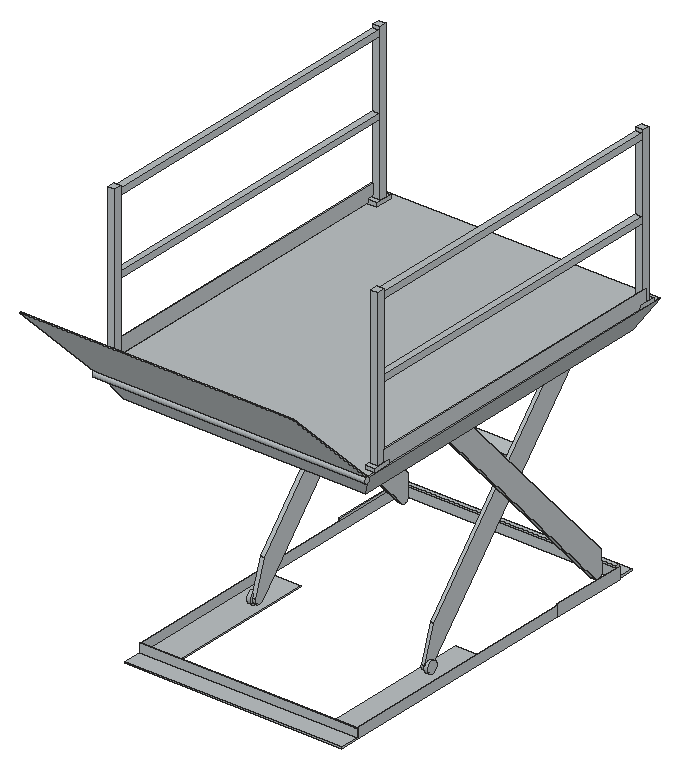
Revit family "DockEquipment_Lift_Pentalift_LDL", category Specialty Equipment, Revit 2026
Family settings
  Round Connector Dimension = Use Diameter
  Part Type = Normal
  Work Plane-Based = Yes
  Enable Cutting in Views = No
  Always vertical = No
  Cut with Voids When Loaded = No
  Maintain Annotation Orientation = No
  Shared = No
  Room Calculation Point = No
Parameters
  offset [instance] = 0' - 0"
  Warranty Duration (Years) = 0
  Unit Width = 6' - 0"
  Unit Length = 8' - 0"
  Unit Height = 3' - 6"
  URL = "http://www.pentalift.com/index.php"
  Support Angle [instance] = asin((Platform Height - 0' 6 3/4") / 6' 7 75/128")  # 49.2042°
  Specification = ""
  SpecWizard = ""
  Send Message = "http://www.arcat.com/users.pl?action=UserEmail&company=Pentalift Equipment Corp.&coid=34752&rep=119&fax=519-763-2894&mf="
  Sales Information = "http://www.pentalift.com/about-us.htm"
  Revision = "R1_01-2012"
  Product Properties = ""
  Product Data = "http://www.arcat.com/arcatcos/cos34/arc34752.html"
  Platform Height [instance] = 5' - 7"
  Model = "As Specified"
  Material [instance] = Metal - Steel - Pentalift - Painted - Gray
  Manufacturer Website = "http://www.pentalift.com/index.php"
  Manufacturer Phone - Toll Free = ""
  Manufacturer Phone = "519-763-3625 "
  Manufacturer Fax = "519-763-2894"
  Manufacturer Address = "21 Nicholas Beaver Rd. Guelph, ON, Canada N1H 6H9 "
  Manufacturer = "Pentalift Equipment Corp."
  Maintenance Schedule (Months) = 0
  Lip Length [instance] = 3' - 0"
  Lip Angle [instance] = 45.00°
  Keynote = "11160"
  Installation-Fabrication = ""
  Installation Phase = ""
  Green Building-LEED = ""
  Expected Lifespan (Years) = 0
  Drawn By = "Sumex Design, Inc. / Robert S. Weygant, CSI, CDT, SCIP"
  Description = "Pentalift Dock Equipment as Specified"
  Default Elevation = 4' - 0"
  Copyright = "©Arcat Inc."
  Construction Details = "http://www.arcat.com/details/pentalif/pentalif.html?coid=34752"
  Capacity (Weight) = 0.00 kip
  Assembly Code = "E1030300"
Reference planes (in)
  plane 1 "Center (Front/Back)": y = 0
  plane 2 "Bottom": z = 0
  plane 3 "Center (Left/Right)": x = 0
  plane 4 "Front": y = -48
  plane 5 "Back": y = 48
  plane 6 "Left": x = -36
  plane 7 "Right": x = 36
  plane 8 "Top": z = 67
  plane 9: x = -28.75
  plane 10: x = 28.75
  plane 11: y = 44.25
  plane 12: y = -44.25
  plane 13: z = 1.75
  plane 14: y = 40
  plane 15: z = 62
Forms (in)
  Extrusion 1, solid, material "Metal - Steel - Pentalift - Painted - Gray" <- "Material"
    sketch origin (-38.56132, 44.25, 48) x (-1, 0, 0) y (0, 0, 1)
      loop
        line (-9.81132, -48) -> (-9.81132, -45.5) -> (-10.06132, -45.5) -> (-10.06132, -48) -> (-9.81132, -48)
      loop
        line (-67.31132, -48) -> (-67.06132, -48) -> (-67.06132, -45.5) -> (-67.31132, -45.5) -> (-67.31132, -48)
    from -1.07782 to -86.82782
  Extrusion 2, solid, material "Metal - Steel - Pentalift - Painted - Gray" <- "Material"
    sketch origin (-28.75, 55.3623, 48) x (0, 1, 0) y (0, 0, 1)
      loop
        line (-11.94012, -44.5) -> (-12.69012, -44.5) -> (-12.69012, -45) -> (-12.19012, -45) -> (-12.19012, -48) -> (-7.69012, -48) -> (-7.69012, -47.5) -> (-11.94012, -47.5) -> (-11.94012, -44.5)
      loop
        line (-98.19012, -45.5) -> (-98.19012, -47.75) -> (-103.19012, -47.75) -> (-103.19012, -48) -> (-97.94012, -48) -> (-97.94012, -45.5) -> (-98.19012, -45.5)
    from 0 to 57.5
  Extrusion 3, solid, material "Metal - Steel - Pentalift - Painted - Gray" <- "Material"
    sketch origin (0, 40, 1.75) x (0, -0.653365, 0.757043) y (0, -0.757043, -0.653365)
      loop
        line (-0.79594, -0.95955) -> (3.40322, -4.44274) -> (73.64823, -3.17773) -> (79.80571, -2.67111)
        arc (79.80571, -2.67111) -> (82.26382, 0.10998) -> (79.58594, 2.68014) r 2.68014
        line (79.58594, 2.68014) -> (-0.02245, 1.2465)
        arc (-0.02245, 1.2465) -> (-1.17648, 0.4125) -> (-0.79594, -0.95955) r 1.2467
    from -26.04 to -25.04
  Extrusion 4, solid, material "Metal - Steel - Pentalift - Painted - Gray" <- "Material"
    sketch origin (0, 40, 62) x (0, -0.653365, -0.757043) y (0, 0.757043, -0.653365)
      loop
        arc (0, 2.80932) -> (-2.80607, 0.13515) -> (-0.26999, -2.79632) r 2.80932
        line (-0.26999, -2.79632) -> (4.70153, -3.27632) -> (71.44071, -4.4782) -> (80.0067, -1.05343)
        arc (80.0067, -1.05343) -> (80.71006, 0.15545) -> (79.7067, 1.12981) r 1.13545
        line (79.7067, 1.12981) -> (72.86103, 1.49719) -> (0, 2.80932)
    from -22.875 to -21.875
  Extrusion 5, solid, material "Metal - Steel - Pentalift - Painted - Gray" <- "Material"
    sketch origin (0, 40, 62) x (0, -0.653365, -0.757043) y (0, 0.757043, -0.653365)
      loop
        line (71.44071, -4.4782) -> (80.0067, -1.05343)
        arc (80.0067, -1.05343) -> (80.71006, 0.15545) -> (79.7067, 1.12981) r 1.13545
        line (79.7067, 1.12981) -> (72.86103, 1.49719) -> (0, 2.80932)
        arc (0, 2.80932) -> (-2.80607, 0.13515) -> (-0.26999, -2.79632) r 2.80932
        line (-0.26999, -2.79632) -> (4.70153, -3.27632) -> (71.44071, -4.4782)
    from 21.875 to 22.875
  Extrusion 6, solid, material "Metal - Steel - Pentalift - Painted - Gray" <- "Material"
    sketch origin (0, 40, 1.75) x (0, -0.653365, 0.757043) y (0, -0.757043, -0.653365)
      loop
        line (73.64823, -3.17773) -> (79.80571, -2.67111)
        arc (79.80571, -2.67111) -> (82.26382, 0.10998) -> (79.58594, 2.68014) r 2.68014
        line (79.58594, 2.68014) -> (-0.02245, 1.2465)
        arc (-0.02245, 1.2465) -> (-1.17648, 0.4125) -> (-0.79594, -0.95955) r 1.2467
        line (-0.79594, -0.95955) -> (3.40322, -4.44274) -> (73.64823, -3.17773)
    from 25.03125 to 26.03125
  Extrusion 7, solid, material "Metal - Steel - Pentalift - Painted - Gray" <- "Material"
    sketch origin (0, 40.75, 61.99885) x (0, -0.653365, -0.757043) y (0, 0.757043, -0.653365)
      loop
        line (30.88098, 0.28626) -> (30.82696, -2.71326) -> (33.82648, -2.76728) -> (33.88049, 0.23224) -> (30.88098, 0.28626)
    from -21.875 to 21.875
  Extrusion 8, solid, material "Metal - Steel - Pentalift - Painted - Gray" <- "Material"
    sketch origin (-28.75, 55.3623, 48) x (0, 1, 0) y (0, 0, 1)
      loop
        line (-32.19012, -45) -> (-32.19012, -48) -> (-11.94012, -48) -> (-11.94012, -45) -> (-32.19012, -45)
    from 0 to -0.25
  Extrusion 9, solid, material "Metal - Steel - Pentalift - Painted - Gray" <- "Material"
    sketch origin (28.75, -56.16774, 48) x (0, -1, 0) y (0, 0, 1)
      loop
        line (-79.33992, -45) -> (-99.58992, -45) -> (-99.58992, -48) -> (-79.33992, -48) -> (-79.33992, -45)
    from 0 to -0.25
  Extrusion 10, solid, material "Metal - Steel - Pentalift - Painted - Gray" <- "Material"
    sketch origin (0, 0, 0) x (1, 0, 0) y (0, 1, 0)
      loop
        line (-28.5, -42.57782) -> (-20.5, -42.57782) -> (-20.5, 0) -> (-28.5, 0) -> (-28.5, -42.57782)
      loop
        line (28.5, -42.57782) -> (28.5, 0) -> (20.5, 0) -> (20.5, -42.57782) -> (28.5, -42.57782)
    from 0 to 0.25
  Extrusion 11, solid, material "Metal - Steel - Pentalift - Painted - Gray" <- "Material"
    sketch origin (0, 36.17779, 63.62243) x (0, -0.653365, -0.757043) y (0, 0.757043, -0.653365)
      loop
        circle (78.31614, 3.95449) r 1.5
    from -23.875 to -22.875
  Extrusion 12, solid, material "Metal - Steel - Pentalift - Painted - Gray" <- "Material"
    sketch origin (0, 36.17779, 63.62243) x (0, -0.653365, -0.757043) y (0, 0.757043, -0.653365)
      loop
        circle (78.31614, 3.95449) r 1.5
    from 22.875 to 23.875
Lines and regions (in)
  reference lines
    curve 1: line (0, 40, 62) -> (0, -20.10955, -7.64798)
    curve 2: line (0, 40, 1.75) -> (0, -26.6432, 78.96842)
Dimensions and locks (in)
  equal spacing: plane 6 "Left", plane 3 "Center (Left/Right)", plane 7 "Right"
  "Unit Width": plane 6 "Left" to plane 7 "Right"
  equal spacing: plane 5 "Back", plane 1 "Center (Front/Back)", plane 4 "Front"
  "Unit Length": plane 5 "Back" to plane 4 "Front"
  "Platform Height": plane 8 "Top" to level
  locked: plane 10 to plane 7 "Right" at 7.25
  locked: plane 6 "Left" to plane 9 at 7.25
  locked: plane 12 to plane 4 "Front" at 3.75
  locked: plane 5 "Back" to plane 11 at 3.75
  locked: plane 13 to level at 1.75
  locked: plane 11 to plane 14 at 4.25
  locked: plane 8 "Top" to plane 15 at 5
  Extrusion 4 to Extrusion 4 to Extrusion 3 to Extrusion 3 to plane 9 = 0' - 1" locked, 0' - 2.165" locked, 0' - 1" locked, 0' - 2.71" locked
  Extrusion 5 to Extrusion 5 to Extrusion 6 to Extrusion 6 to plane 10 = 0' - 1" locked, 0' - 2 5/32" locked, 0' - 1" locked, 0' - 2 23/32" locked
  locked: plane 10 to Extrusion 7 at 6.875
  locked: plane 9 to Extrusion 7 at 6.875
  locked: Extrusion 1 to plane 12 at 1.67218
  Extrusion 11 to Extrusion 11 to plane 9 = 0' - 1" locked, 0' - 4 7/8" locked
  plane 10 to Extrusion 12 to Extrusion 12 = 0' - 4 7/8" locked, 0' - 1" locked
  "Support Angle": angle curve 1 to plane 15
  "Support Angle": angle plane 13 to curve 2
  aligned and locked: plane 1 "Center (Front/Back)" to nested 1
  aligned and locked: nested 1 to plane 3 "Center (Left/Right)"
  aligned and locked: Extrusion 2 to plane 10
Automatic sketch dimensions
  Extrusion 1 sketch curve to level = 0' - 0"  (x2)
  Extrusion 1 sketch curve to plane 10 = 0' - 0"
  Extrusion 1 sketch curve to plane 9 = 0' - 0"
  plane 10 to Extrusion 1 sketch curve = 0' - 0 1/4"
  Extrusion 1 sketch curve to Extrusion 1 sketch curve = 0' - 0 1/4"
  plane 13 to Extrusion 1 sketch curve = 0' - 0 3/4"  (x2)
  Extrusion 2 sketch curve to level = 0' - 0"  (x2)
  plane 4 "Front" to Extrusion 2 sketch curve = 0' - 0.17218"
  level to Extrusion 2 sketch curve = 0' - 0 1/4"
  plane 12 to Extrusion 2 sketch curve = 0' - 1.42218"
  Extrusion 2 sketch curve to Extrusion 2 sketch curve = 0' - 0 1/4"  (x2)
  Extrusion 2 sketch curve to plane 11 = 0' - 1.57782"
  Extrusion 2 sketch curve to Extrusion 2 sketch curve = 0' - 0 1/2"  (x2)
  Extrusion 2 sketch curve to plane 5 "Back" = 0' - 0.32782"
  level to Extrusion 2 sketch curve = 0' - 0 1/2"
  plane 13 to Extrusion 2 sketch curve = 0' - 0 3/4"
  plane 13 to Extrusion 2 sketch curve = 0' - 1 1/4"
  curve 2 to plane 13 = 0' - 0"
  curve 2 to plane 14 = 0' - 0"
  curve 1 to plane 14 = 0' - 0"
  curve 1 to plane 15 = 0' - 0"
  Extrusion 3 sketch curve to curve 2 = 0' - 0"  (x3)
  Extrusion 3 sketch curve to curve 2 = 0' - 0.02245"
  Extrusion 3 sketch curve to curve 2 = 0' - 0.79594"
  Extrusion 3 sketch curve to Extrusion 3 sketch curve = 0' - 0"  (x2)
  curve 2 to Extrusion 3 sketch curve = 0' - 3.40322"
  curve 2 to Extrusion 3 sketch curve = 0' - 3.17773"
  Extrusion 3 sketch curve to curve 2 = 2' - 4.35177"
  Extrusion 3 sketch curve to Extrusion 3 sketch curve = 0' - 5.9377"
  curve 2 to Extrusion 3 sketch curve = 0' - 2.67111"
  Extrusion 3 sketch curve to Extrusion 3 sketch curve = 0' - 0.21977"
  Extrusion 3 sketch curve to curve 2 = 0' - 4.44274"
  Extrusion 3 sketch curve to curve 2 = 0' - 0.95955"
  Extrusion 4 sketch curve to curve 1 = 0' - 0"  (x2)
  curve 1 to Extrusion 4 sketch curve = 0' - 2.80932"
  Extrusion 4 sketch curve to curve 1 = 0' - 0.26999"
  Extrusion 4 sketch curve to Extrusion 4 sketch curve = 0' - 0"
  curve 1 to Extrusion 4 sketch curve = 0' - 4.70153"
  curve 1 to Extrusion 4 sketch curve = 0' - 4.4782"
  Extrusion 4 sketch curve to curve 1 = 1' - 8.55929"
  Extrusion 4 sketch curve to curve 1 = 0' - 1.49719"
  Extrusion 4 sketch curve to Extrusion 4 sketch curve = 0' - 1.42032"
  Extrusion 4 sketch curve to curve 1 = 0' - 0.00088"
  Extrusion 4 sketch curve to Extrusion 4 sketch curve = 0' - 6.72415"
  Extrusion 4 sketch curve to curve 1 = 0' - 1.12981"
  Extrusion 4 sketch curve to Extrusion 4 sketch curve = 0' - 0.12152"
  curve 1 to Extrusion 4 sketch curve = 0' - 1.05343"
  curve 1 to Extrusion 4 sketch curve = 0' - 3.27632"
  Extrusion 5 sketch curve to curve 1 = 0' - 0"  (x2)
  curve 1 to Extrusion 5 sketch curve = 0' - 2.80932"
  Extrusion 5 sketch curve to curve 1 = 0' - 0.26999"
  curve 1 to Extrusion 5 sketch curve = 0' - 4.70153"
  curve 1 to Extrusion 5 sketch curve = 0' - 4.4782"
  Extrusion 5 sketch curve to curve 1 = 1' - 8.55929"
  Extrusion 5 sketch curve to curve 1 = 0' - 1.49719"
  Extrusion 5 sketch curve to Extrusion 5 sketch curve = 0' - 1.42032"
  Extrusion 5 sketch curve to curve 1 = 0' - 0.00088"
  Extrusion 5 sketch curve to Extrusion 5 sketch curve = 0' - 6.72415"
  Extrusion 5 sketch curve to Extrusion 5 sketch curve = 0' - 0.12152"
  curve 1 to Extrusion 5 sketch curve = 0' - 1.05343"
  Extrusion 5 sketch curve to Extrusion 5 sketch curve = 0' - 0.42152"
  curve 1 to Extrusion 5 sketch curve = 0' - 3.27632"
  Extrusion 6 sketch curve to curve 2 = 0' - 0"  (x3)
  Extrusion 6 sketch curve to curve 2 = 0' - 0.02245"
  Extrusion 6 sketch curve to curve 2 = 0' - 0.79594"
  curve 2 to Extrusion 6 sketch curve = 0' - 3.40322"
  curve 2 to Extrusion 6 sketch curve = 0' - 3.17773"
  Extrusion 6 sketch curve to curve 2 = 2' - 4.35177"
  Extrusion 6 sketch curve to curve 2 = 0' - 2.68014"
  Extrusion 6 sketch curve to Extrusion 6 sketch curve = 0' - 5.9377"
  curve 2 to Extrusion 6 sketch curve = 0' - 2.67111"
  Extrusion 6 sketch curve to curve 2 = 0' - 4.44274"
  Extrusion 6 sketch curve to curve 2 = 0' - 0.95955"
  curve 1 to Extrusion 7 sketch curve = 0' - 2.14473"
  curve 1 to Extrusion 7 sketch curve = 2' - 6.33781"
  Extrusion 7 sketch curve to curve 1 = 0' - 0.85479"
  Extrusion 7 sketch curve to Extrusion 7 sketch curve = 0' - 0.05402"
  curve 1 to Extrusion 7 sketch curve = 0' - 2.19874"
  Extrusion 8 sketch curve to level = 0' - 0"
  plane 14 to Extrusion 8 sketch curve = 1' - 4.82782"
  Extrusion 8 sketch curve to plane 11 = 0' - 0.82782"
  plane 13 to Extrusion 8 sketch curve = 0' - 1 1/4"
  Extrusion 9 sketch curve to level = 0' - 0"
  Extrusion 9 sketch curve to plane 11 = 0' - 0.82782"
  plane 14 to Extrusion 9 sketch curve = 1' - 4.82782"
  plane 13 to Extrusion 9 sketch curve = 0' - 1 1/4"
  Extrusion 10 sketch curve to plane 1 "Center (Front/Back)" = 0' - 0"  (x2)
  plane 9 to Extrusion 10 sketch curve = 0' - 0 1/4"
  Extrusion 10 sketch curve to Extrusion 10 sketch curve = 0' - 8"
  plane 10 to Extrusion 10 sketch curve = 0' - 8 1/4"
  plane 10 to Extrusion 10 sketch curve = 0' - 0 1/4"
  plane 12 to Extrusion 10 sketch curve = 0' - 1.67218"  (x2)
  Extrusion 11 sketch curve to curve 1 = 0' - 0.00088"
  Extrusion 11 sketch curve to curve 1 = 1' - 0.41482"
  Extrusion 12 sketch curve to curve 1 = 0' - 0.00088"
  Extrusion 12 sketch curve to curve 1 = 1' - 0.41482"
  radius of Extrusion 11 sketch curve = 0' - 1 1/2"
  radius of Extrusion 12 sketch curve = 0' - 1 1/2"
Nested families (in)
  nested 1: "Platform_LiftStandard" at (0, 0, 67), Material <- "Material", Unit Width <- "Unit Width", Unit Length <- "Unit Length", Lip Length <- "Lip Length", Lip Angle <- "Lip Angle", type "Platform_LiftStandard"
    with offset 0' - 0", ll 2' - 11 5/16", Unit Width 6' - 0", Unit Length 8' - 0", Unit Height 3' - 6", Material Metal - Steel - Pentalift - Painted - Gray, Lip Length 3' - 0", Lip Angle 45.00°
Definition of nested family "Platform_LiftStandard"
  Parameters
    offset [instance] = 0' - 0"
    ll [instance] = Lip Length - 0' 0 11/16"  # 2' - 11 5/16"
    Warranty Duration (Years) = 0
    Unit Width [instance] = 6' - 0"
    Unit Length [instance] = 8' - 0"
    Unit Height [instance] = 3' - 6"
    URL = "http://www.pentalift.com/index.php"
    Specification = ""
    SpecWizard = ""
    Send Message = "http://www.arcat.com/users.pl?action=UserEmail&company=Pentalift Equipment Corp.&coid=34752&rep=119&fax=519-763-2894&mf="
    Sales Information = "http://www.pentalift.com/about-us.htm"
    Revision = "R1_01-2012"
    Product Properties = ""
    Product Data = "http://www.arcat.com/arcatcos/cos34/arc34752.html"
    Model = "As Specified"
    Material [instance] = none
    Manufacturer Website = "http://www.pentalift.com/index.php"
    Manufacturer Phone - Toll Free = ""
    Manufacturer Phone = "519-763-3625 "
    Manufacturer Fax = "519-763-2894"
    Manufacturer Address = "21 Nicholas Beaver Rd. Guelph, ON, Canada N1H 6H9 "
    Manufacturer = "Pentalift Equipment Corp."
    Maintenance Schedule (Months) = 0
    Lip Length [instance] = 3' - 0"
    Lip Angle [instance] = 45.00°
    Keynote = "11160"
    Installation-Fabrication = ""
    Installation Phase = ""
    Green Building-LEED = ""
    Expected Lifespan (Years) = 0
    Drawn By = "Sumex Design, Inc. / Robert S. Weygant, CSI, CDT, SCIP"
    Description = "Pentalift Dock Equipment as Specified"
    Default Elevation = 4' - 0"
    Copyright = "©Arcat Inc."
    Construction Details = "http://www.arcat.com/details/pentalif/pentalif.html?coid=34752"
    Assembly Code = "E1030300"
  Reference planes (in)
    plane 1 "Center (Front/Back)": y = 0
    plane 2 "Bottom": z = 0
    plane 3 "Center (Left/Right)": x = 0
    plane 4 "Front": y = -48
    plane 5 "Back": y = 48
    plane 6 "Left": x = -36
    plane 7 "Right": x = 36
    plane 8 "Top": z = 42
    plane 9: z = -7.2186
    plane 10: x = -34.75
    plane 11: x = 34.75
    plane 12: y = -43.75
    plane 13: y = 43.75
    plane 14: y = -48.6875
    plane 15: z = -0.6875
  Forms (in)
    Extrusion 1, solid, material <- "Material"
      sketch origin (0, 0, 0) x (1, 0, 0) y (0, 1, 0)
        loop
          line (-36, 48) -> (-36, -48) -> (36, -48) -> (36, 48) -> (-36, 48)
      from 0 to -0.25
    Sweep 2, solid, material <- "Material"
      path origin (0, 0, 0) x (1, 0, 0) y (0, 1, 0)
        loop
          line (-36, 48) -> (-36, -48) -> (36, -48) -> (36, 48) -> (-36, 48)
      profile origin (0, 48, 0) x (0, 1, 0) y (0, 0, 1)
        loop
          line (-3.9483, -7.2186) -> (0, -0.25) -> (-0.28734, -0.25) -> (-4.16581, -7.09536) -> (-3.9483, -7.2186)
    Extrusion 3, solid, material <- "Material"
      sketch origin (-34.75, 55.3623, 48) x (0, 1, 0) y (0, 0, 1)
        loop
          line (-14.1123, -47.75) -> (-14.1123, -46.75) -> (-12.1123, -46.75) -> (-12.1123, -43.75) -> (-98.6123, -43.75) -> (-98.6123, -46.75) -> (-96.6123, -46.75) -> (-96.6123, -47.75) -> (-14.1123, -47.75)
      from -1 to -1.25
    Extrusion 4, solid, material <- "Material"
      sketch origin (0, 0, 0) x (1, 0, 0) y (0, 1, 0)
        loop
          line (-36, 46) -> (-36, 41.5) -> (-33.5, 41.5) -> (-33.5, 46) -> (-36, 46)
        loop
          line (-36, -46) -> (-33.5, -46) -> (-33.5, -41.5) -> (-36, -41.5) -> (-36, -46)
        loop
          line (36, 46) -> (33.5, 46) -> (33.5, 41.5) -> (36, 41.5) -> (36, 46)
        loop
          line (36, -46) -> (36, -41.5) -> (33.5, -41.5) -> (33.5, -46) -> (36, -46)
      from 0 to 1
    Extrusion 5, solid, material <- "Material"
      sketch origin (0, 0, 0) x (1, 0, 0) y (0, 1, 0)
        loop
          line (-35.75, 44.75) -> (-35.75, 42.75) -> (-33.75, 42.75) -> (-33.75, 44.75) -> (-35.75, 44.75)
        loop
          line (35.75, 44.75) -> (33.75, 44.75) -> (33.75, 42.75) -> (35.75, 42.75) -> (35.75, 44.75)
        loop
          line (-35.75, -44.75) -> (-33.75, -44.75) -> (-33.75, -42.75) -> (-35.75, -42.75) -> (-35.75, -44.75)
        loop
          line (35.75, -44.75) -> (35.75, -42.75) -> (33.75, -42.75) -> (33.75, -44.75) -> (35.75, -44.75)
      from 0 to 42
    Extrusion 6, solid, material <- "Material"
      sketch origin (34.75, -56.16774, 48) x (0, -1, 0) y (0, 0, 1)
        loop
          line (-97.41774, -47.75) -> (-14.91774, -47.75) -> (-14.91774, -46.75) -> (-12.91774, -46.75) -> (-12.91774, -43.75) -> (-99.41774, -43.75) -> (-99.41774, -46.75) -> (-97.41774, -46.75) -> (-97.41774, -47.75)
      from -1 to -1.25
    Extrusion 7, solid, material <- "Material"
      sketch origin (33.75, -43.75, 48) x (-1, 0, 0) y (0, 0, 1)
        loop
          line (69.3125, -6.75) -> (67.6875, -6.75) -> (67.6875, -8.375) -> (69.3125, -8.375) -> (69.3125, -6.75)
        loop
          line (69.3125, -26.5) -> (67.6875, -26.5) -> (67.6875, -28.125) -> (69.3125, -28.125) -> (69.3125, -26.5)
        loop
          line (-1.8125, -6.75) -> (-1.8125, -8.375) -> (-0.1875, -8.375) -> (-0.1875, -6.75) -> (-1.8125, -6.75)
        loop
          line (-1.8125, -26.5) -> (-1.8125, -28.125) -> (-0.1875, -28.125) -> (-0.1875, -26.5) -> (-1.8125, -26.5)
      from 0 to 87.5
    Extrusion 8, solid, material <- "Material"
      sketch origin (-34.75, -48.6875, -0.6875) x (0, -0.707107, 0.707107) y (0, -0.707107, -0.707107)
        loop
          arc (0.53033, -0.4375) -> (-0.29315, 0.62187) -> (0, -0.6875) r 0.6875
          line (0, -0.6875) -> (35.3125, -0.6875) -> (35.3125, -0.4375) -> (0.53033, -0.4375)
      from -1.25 to 70.75
  Cuts and joins
    joined: Extrusion 1, Sweep 2
    joined: Extrusion 4, Extrusion 5, Extrusion 7
  Lines and regions (in)
    reference lines
      curve 1: line (-34.75, -48.6875, -0.6875) -> (-34.75, -81.92152, 32.54652)
  Dimensions and locks (in)
    equal spacing: plane 6 "Left", plane 3 "Center (Left/Right)", plane 7 "Right"
    "Unit Width": plane 6 "Left" to plane 7 "Right"
    equal spacing: plane 5 "Back", plane 1 "Center (Front/Back)", plane 4 "Front"
    "Unit Length": plane 5 "Back" to plane 4 "Front"
    "Unit Height": plane 8 "Top" to level
    locked: level to plane 9 at 7.2186
    locked: plane 11 to plane 7 "Right" at 1.25
    locked: plane 6 "Left" to plane 10 at 1.25
    locked: plane 5 "Back" to plane 13 at 4.25
    locked: plane 12 to plane 4 "Front" at 4.25
    locked: plane 4 "Front" to plane 14 at 0.6875
    locked: level to plane 15 at 0.6875
    "ll": curve 1 to Extrusion 8 sketch curve
    "Lip Angle": angle plane 15 to curve 1
    aligned and locked: plane 8 "Top" to Extrusion 5
    aligned and locked: plane 13 to Extrusion 7
    aligned and locked: Extrusion 8 to plane 6 "Left"
    aligned and locked: Extrusion 8 to plane 7 "Right"
  Automatic sketch dimensions
    Extrusion 1 sketch curve to plane 4 "Front" = 0' - 0"
    Extrusion 1 sketch curve to plane 6 "Left" = 0' - 0"
    Extrusion 1 sketch curve to plane 7 "Right" = 0' - 0"
    Extrusion 1 sketch curve to plane 5 "Back" = 0' - 0"
    Sweep 2 sketch curve to plane 4 "Front" = 0' - 0"
    Sweep 2 sketch curve to plane 6 "Left" = 0' - 0"
    Sweep 2 sketch curve to plane 7 "Right" = 0' - 0"
    Sweep 2 sketch curve to plane 5 "Back" = 0' - 0"
    Sweep 2 sketch curve to profile plane = 0' - 0"
    profile plane to Sweep 2 sketch curve = 0' - 3.9483"
    Sweep 2 sketch curve to Sweep 2 sketch curve = 0' - 0.21751"
    Sweep 2 sketch curve to Sweep 2 sketch curve = 0' - 0.12324"
    Sweep 2 sketch curve to level = 0' - 0 1/4"
    Extrusion 4 sketch curve to plane 6 "Left" = 0' - 0"  (x2)
    Extrusion 4 sketch curve to plane 7 "Right" = 0' - 0"  (x2)
    plane 10 to Extrusion 4 sketch curve = 0' - 1 1/4"  (x2)
    plane 11 to Extrusion 4 sketch curve = 0' - 1 1/4"  (x2)
    plane 4 "Front" to Extrusion 4 sketch curve = 0' - 2"  (x2)
    Extrusion 4 sketch curve to Extrusion 4 sketch curve = 0' - 4 1/2"  (x2)
    Extrusion 4 sketch curve to plane 5 "Back" = 0' - 6 1/2"  (x2)
    Extrusion 4 sketch curve to plane 5 "Back" = 0' - 2"  (x2)
    plane 6 "Left" to Extrusion 5 sketch curve = 0' - 0 1/4"  (x2)
    plane 10 to Extrusion 5 sketch curve = 0' - 1"  (x2)
    plane 11 to Extrusion 5 sketch curve = 0' - 1"  (x2)
    Extrusion 5 sketch curve to plane 7 "Right" = 0' - 0 1/4"  (x2)
    plane 4 "Front" to Extrusion 5 sketch curve = 0' - 3 1/4"  (x2)
    Extrusion 5 sketch curve to Extrusion 5 sketch curve = 0' - 2"  (x4)
    Extrusion 5 sketch curve to plane 5 "Back" = 0' - 5 1/4"  (x2)
    level to Extrusion 3 sketch curve = 0' - 0 1/4"
    plane 4 "Front" to Extrusion 3 sketch curve = 0' - 6 3/4"
    Extrusion 3 sketch curve to Extrusion 3 sketch curve = 0' - 2"  (x2)
    Extrusion 3 sketch curve to plane 5 "Back" = 0' - 6 3/4"
    Extrusion 3 sketch curve to Extrusion 3 sketch curve = 0' - 1"  (x2)
    Extrusion 3 sketch curve to Extrusion 3 sketch curve = 0' - 3"
    Extrusion 6 sketch curve to plane 5 "Back" = 0' - 4 3/4"
    Extrusion 6 sketch curve to Extrusion 6 sketch curve = 0' - 2"  (x2)
    level to Extrusion 6 sketch curve = 0' - 0 1/4"
    plane 4 "Front" to Extrusion 6 sketch curve = 0' - 6 3/4"
    Extrusion 6 sketch curve to Extrusion 6 sketch curve = 0' - 1"  (x2)
    Extrusion 6 sketch curve to Extrusion 6 sketch curve = 0' - 3"
    Extrusion 7 sketch curve to plane 7 "Right" = 0' - 0 7/16"  (x2)
    plane 11 to Extrusion 7 sketch curve = 0' - 0 13/16"  (x2)
    plane 10 to Extrusion 7 sketch curve = 0' - 0 13/16"  (x2)
    plane 6 "Left" to Extrusion 7 sketch curve = 0' - 0 7/16"  (x2)
    level to Extrusion 7 sketch curve = 1' - 7 7/8"  (x2)
    Extrusion 7 sketch curve to Extrusion 7 sketch curve = 0' - 1 5/8"  (x2)
    Extrusion 7 sketch curve to plane 8 "Top" = 0' - 2 3/8"  (x2)
    Extrusion 7 sketch curve to plane 8 "Top" = 0' - 0 3/4"  (x2)
    curve 1 to plane 14 = 0' - 0"
    curve 1 to plane 15 = 0' - 0"
    Extrusion 8 sketch curve to curve 1 = 0' - 0"  (x3)
    curve 1 to Extrusion 8 sketch curve = 0' - 0.53033"
    curve 1 to Extrusion 8 sketch curve = 0' - 0 7/16"
